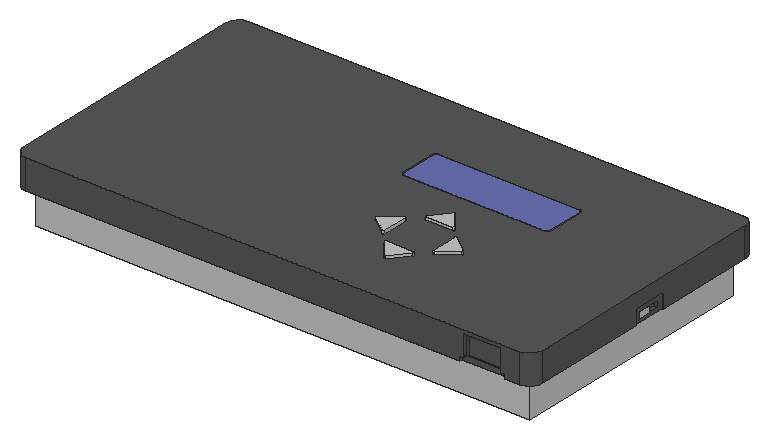
Revit family "Electronics_Masking-Generators_Biamp_Qt-Conference-Room-Edition_Control-Module", category Communication Devices, host Face, Revit 2020
Family settings
  Host = Face
  Maintain Annotation Orientation = No
  Round Connector Dimension = Use Diameter
  Part Type = Normal
  OmniClass Number = 23.85.10.00
  OmniClass Title = General Information Systems
  Cut with Voids When Loaded = No
  Shared = No
  Room Calculation Point = No
Parameters (values of type "ST 1000")
  Width = 8.30709"  # constant formula
  Weight = 0.71 lbf  # constant formula
  Voltage = 120 V
  Version = 1
  URL = "https://www.biamp.com/"
  Sound Masking = "200Hz to 6.3kHz"  # constant formula
  Product data url = "https://bimobject.com/biamp/product/qt-cre_masking-generator"
  Product Page URL = "https://www.biamp.com/products/product-families/cambridge/masking-generators#qt-cre"
  Product Documentation Link = "https://downloads.biamp.com/assets/docs/default-source/data-sheets/biamp_data_sheet_qt_conference_room_edition.pdf"
  Power Factor = 1
  Output Voltage = "5VDC @ 75mA"  # constant formula
  Output Type = "Logic Status (5VDC"  # constant formula
  Output Connections = "2 RJ-45"  # constant formula
  Number of Poles = 1
  Number of Non-Correlated Masking Sources = "4"  # constant formula
  Number of Masking Zones = "1 (2 cable runs per zone)"  # constant formula
  Number of Inputs = "1 (Stereo or Mono)"  # constant formula
  Number of Connectors = "2"  # constant formula
  Music/Paging = "200Hz to 10kHz"  # constant formula
  Model = "ST 1000"  # constant formula
  Minimum Output Impedance = "7Ω (per channel)"  # constant formula
  Minimum Masking SPL (@ 1m) = "30dBA"  # constant formula
  Maximum Music/Paging SPL (@ 1m) = "62dBA"  # constant formula
  Maximum Masking SPL (@ 1m) = "60dBA"  # constant formula
  Max Power Consumption = 7 W
  Masking Ramp Times = "0-120 seconds (up and down ramp times are independent)"  # constant formula
  Masking Level Adjustment = "0.5dB steps"  # constant formula
  Manufacturer = "Biamp"  # constant formula
  Input Type = "Contact Closure (Normally Open)"  # constant formula
  Input Level Adjustment = "1dB steps"  # constant formula
  Input Level = "+4dBu (2VRMS max)"  # constant formula
  Input Impedance = "5kΩ"  # constant formula
  Input Connector Type = "Captive Screw Terminals"  # constant formula
  Housing Material = Biamp - Plastic - Black
  Height = 1.06299"  # constant formula
  Description = "QT® Conference Room Edition Speech Privacy Solution for Conference Rooms"  # constant formula
  Depth = 4.44882"  # constant formula
  Default Elevation = 48"
  Date Updated = ""
  Date Created = "2023/08/21"
  Current = 0.6 A
  Connector Type = "Captive Screw Terminals "  # constant formula
  Connector Description = "100-240 VAC, 50/60 Hz"  # constant formula
  Apparent Load = Max Power Consumption / Power Factor  # 7 VA
Reference planes (in)
  plane 1 "Center (Front/Back)": y = 0
  plane 2: z = 0
  plane 3 "Center (Left/Right)": x = 0
Forms (in)
  Extrusion 1, solid, material "Biamp - Plastic - Black" <- "Housing Material", detail levels medium+fine
    sketch origin (0, 0, 0) x (1, 0, 0) y (0, 1, 0)
      loop
        line (-3.95669, -2.22441) -> (3.95669, -2.22441)
        arc (3.95669, -2.22441) -> (4.09589, -2.16675) -> (4.15354, -2.02756) r 0.19685
        line (4.15354, -2.02756) -> (4.15354, 2.02756)
        arc (4.15354, 2.02756) -> (4.09589, 2.16675) -> (3.95669, 2.22441) r 0.19685
        line (3.95669, 2.22441) -> (-3.95669, 2.22441)
        arc (-3.95669, 2.22441) -> (-4.09589, 2.16675) -> (-4.15354, 2.02756) r 0.19685
        line (-4.15354, 2.02756) -> (-4.15354, -2.02756)
        arc (-4.15354, -2.02756) -> (-4.09589, -2.16675) -> (-3.95669, -2.22441) r 0.19685
    from 0 to 0.47244
  Extrusion 2, solid, material "Biamp - Plastic - Black" <- "Housing Material", detail levels coarse
    sketch origin (0, 0, 0) x (1, 0, 0) y (0, 1, 0)
      loop
        line (-3.95669, -2.22441) -> (3.95669, -2.22441)
        arc (3.95669, -2.22441) -> (4.09589, -2.16675) -> (4.15354, -2.02756) r 0.19685
        line (4.15354, -2.02756) -> (4.15354, 2.02756)
        arc (4.15354, 2.02756) -> (4.09589, 2.16675) -> (3.95669, 2.22441) r 0.19685
        line (3.95669, 2.22441) -> (-3.95669, 2.22441)
        arc (-3.95669, 2.22441) -> (-4.09589, 2.16675) -> (-4.15354, 2.02756) r 0.19685
        line (-4.15354, 2.02756) -> (-4.15354, -2.02756)
        arc (-4.15354, -2.02756) -> (-4.09589, -2.16675) -> (-3.95669, -2.22441) r 0.19685
    from 0 to 0.47244
  Extrusion 3, void
    sketch origin (0, 0, 0.47244) x (1, 0, 0) y (0, 1, 0)
      loop
        arc (0.021, 1.06698) -> (-0.02076, 1.04969) -> (-0.03805, 1.00793) r 0.05906
        line (-0.03805, 1.00793) -> (-0.03805, 0.43706)
        arc (-0.03805, 0.43706) -> (-0.02076, 0.3953) -> (0.021, 0.37801) r 0.05906
        line (0.021, 0.37801) -> (2.26509, 0.37801)
        arc (2.26509, 0.37801) -> (2.30685, 0.3953) -> (2.32415, 0.43706) r 0.05906
        line (2.32415, 0.43706) -> (2.32415, 1.00793)
        arc (2.32415, 1.00793) -> (2.30685, 1.04969) -> (2.26509, 1.06698) r 0.05906
        line (2.26509, 1.06698) -> (0.021, 1.06698)
    from -0.09809 to 0
  Extrusion 4, solid, material "Biamp - Plastic - Blue", detail levels medium+fine
    sketch origin (0, 0, 0.37435) x (1, 0, 0) y (0, 1, 0)
      loop
        line (2.26509, 1.06698) -> (0.021, 1.06698)
        arc (0.021, 1.06698) -> (-0.02076, 1.04969) -> (-0.03805, 1.00793) r 0.05906
        line (-0.03805, 1.00793) -> (-0.03805, 0.43706)
        arc (-0.03805, 0.43706) -> (-0.02076, 0.3953) -> (0.021, 0.37801) r 0.05906
        line (0.021, 0.37801) -> (2.26509, 0.37801)
        arc (2.26509, 0.37801) -> (2.30685, 0.3953) -> (2.32415, 0.43706) r 0.05906
        line (2.32415, 0.43706) -> (2.32415, 1.00793)
        arc (2.32415, 1.00793) -> (2.30685, 1.04969) -> (2.26509, 1.06698) r 0.05906
    from 0 to 0.09809
  Extrusion 5, void
    sketch origin (0, 0, 0.47244) x (1, 0, 0) y (0, 1, 0)
      loop
        line (1.37132, -0.30529) -> (1.15806, -0.03233)
        arc (1.15806, -0.03233) -> (1.14305, -0.02501) -> (1.12804, -0.03233) r 0.01905
        line (1.12804, -0.03233) -> (0.91478, -0.30529)
        arc (0.91478, -0.30529) -> (0.91272, -0.32486) -> (0.9294, -0.33528) r 0.01856
        line (0.9294, -0.33528) -> (1.35669, -0.33528)
        arc (1.35669, -0.33528) -> (1.37337, -0.32486) -> (1.37132, -0.30529) r 0.01856
      loop
        line (1.56453, -0.95429) -> (1.8368, -0.74157)
        arc (1.8368, -0.74157) -> (1.84422, -0.72635) -> (1.8368, -0.71113) r 0.01931
        line (1.8368, -0.71113) -> (1.56453, -0.49841)
        arc (1.56453, -0.49841) -> (1.54469, -0.49633) -> (1.53412, -0.51325) r 0.01882
        line (1.53412, -0.51325) -> (1.53412, -0.93946)
        arc (1.53412, -0.93946) -> (1.54469, -0.95638) -> (1.56453, -0.95429) r 0.01882
      loop
        arc (1.37132, -1.14741) -> (1.37337, -1.12785) -> (1.35669, -1.11742) r 0.01856
        line (1.35669, -1.11742) -> (0.9294, -1.11742)
        arc (0.9294, -1.11742) -> (0.91272, -1.12785) -> (0.91478, -1.14741) r 0.01856
        line (0.91478, -1.14741) -> (1.12804, -1.42037)
        arc (1.12804, -1.42037) -> (1.14305, -1.42769) -> (1.15806, -1.42037) r 0.01905
        line (1.15806, -1.42037) -> (1.37132, -1.14741)
      loop
        arc (0.72156, -0.95429) -> (0.7414, -0.95638) -> (0.75198, -0.93946) r 0.01882
        line (0.75198, -0.93946) -> (0.75198, -0.51325)
        arc (0.75198, -0.51325) -> (0.7414, -0.49633) -> (0.72156, -0.49841) r 0.01882
        line (0.72156, -0.49841) -> (0.44929, -0.71113)
        arc (0.44929, -0.71113) -> (0.44187, -0.72635) -> (0.44929, -0.74157) r 0.01931
        line (0.44929, -0.74157) -> (0.72156, -0.95429)
    from -0.09809 to 0
  Extrusion 6, solid, material "Biamp - Plastic - Gray", detail levels medium+fine
    sketch origin (0, 0, 0.47244) x (1, 0, 0) y (0, 1, 0)
      loop
        line (1.12754, -0.03937) -> (0.91788, -0.30771)
        arc (0.91788, -0.30771) -> (0.91626, -0.32313) -> (0.9294, -0.33134) r 0.01463
        line (0.9294, -0.33134) -> (1.35669, -0.33134)
        arc (1.35669, -0.33134) -> (1.36984, -0.32313) -> (1.36822, -0.30771) r 0.01463
        line (1.36822, -0.30771) -> (1.15856, -0.03937)
        arc (1.15856, -0.03937) -> (1.14305, -0.0318) -> (1.12754, -0.03937) r 0.01969
      loop
        line (0.72399, -0.50151) -> (0.45606, -0.71084)
        arc (0.45606, -0.71084) -> (0.4485, -0.72635) -> (0.45606, -0.74186) r 0.01969
        line (0.45606, -0.74186) -> (0.72399, -0.95119)
        arc (0.72399, -0.95119) -> (0.73968, -0.95284) -> (0.74804, -0.93946) r 0.01489
        line (0.74804, -0.93946) -> (0.74804, -0.51325)
        arc (0.74804, -0.51325) -> (0.73968, -0.49986) -> (0.72399, -0.50151) r 0.01489
      loop
        line (1.83003, -0.71084) -> (1.56211, -0.50151)
        arc (1.56211, -0.50151) -> (1.54642, -0.49986) -> (1.53806, -0.51325) r 0.01489
        line (1.53806, -0.51325) -> (1.53806, -0.93946)
        arc (1.53806, -0.93946) -> (1.54642, -0.95284) -> (1.56211, -0.95119) r 0.01489
        line (1.56211, -0.95119) -> (1.83003, -0.74186)
        arc (1.83003, -0.74186) -> (1.8376, -0.72635) -> (1.83003, -0.71084) r 0.01969
      loop
        line (1.35669, -1.12136) -> (0.9294, -1.12136)
        arc (0.9294, -1.12136) -> (0.91626, -1.12957) -> (0.91788, -1.14499) r 0.01463
        line (0.91788, -1.14499) -> (1.12754, -1.41334)
        arc (1.12754, -1.41334) -> (1.14305, -1.4209) -> (1.15856, -1.41334) r 0.01969
        line (1.15856, -1.41334) -> (1.36822, -1.14499)
        arc (1.36822, -1.14499) -> (1.36984, -1.12957) -> (1.35669, -1.12136) r 0.01463
    from -0.09809 to 0.03607
  Extrusion 7, void
    sketch origin (4.15354, 1.48622, 0) x (0, -1, 0) y (0, 0, -1)
      loop
        line (1.64955, 0) -> (1.08987, 0) -> (1.08987, -0.20832)
        arc (1.08987, -0.20832) -> (1.1014, -0.23616) -> (1.12924, -0.24769) r 0.03937
        line (1.12924, -0.24769) -> (1.61018, -0.24769)
        arc (1.61018, -0.24769) -> (1.63802, -0.23616) -> (1.64955, -0.20832) r 0.03937
        line (1.64955, -0.20832) -> (1.64955, 0)
    from -0.02256 to 0
  Extrusion 8, void
    sketch origin (4.13099, 1.48622, 0) x (0, -1, 0) y (0, 0, -1)
      loop
        line (1.5554, -0.16343) -> (1.5554, -0.06159) -> (1.18402, -0.06159) -> (1.18402, -0.16343) -> (1.5554, -0.16343)
    from -0.04884 to 0.18628
  Extrusion 9, solid, material "Biamp - Plastic - Gray", detail levels medium+fine
    sketch origin (4.08214, 1.48622, 0) x (0, -1, 0) y (0, 0, -1)
      loop
        line (1.37365, -0.15949) -> (1.55146, -0.15949) -> (1.55146, -0.06553) -> (1.37365, -0.06553) -> (1.37365, -0.15949)
    from 0 to 0.06397
  Extrusion 10, void
    sketch origin (-4.15354, -2.22441, 0) x (1, 0, 0) y (0, 0, 1)
      loop
        line (7.13799, 0) -> (7.86502, 0) -> (7.86502, 0.05918) -> (7.81881, 0.05918)
        arc (7.81881, 0.05918) -> (7.80323, 0.06564) -> (7.79678, 0.08122) r 0.02204
        line (7.79678, 0.08122) -> (7.79678, 0.41499) -> (7.20622, 0.41499) -> (7.20622, 0.08263)
        arc (7.20622, 0.08263) -> (7.19936, 0.06605) -> (7.18278, 0.05918) r 0.02345
        line (7.18278, 0.05918) -> (7.13799, 0.05918) -> (7.13799, 0)
    from -0.03882 to 0.25643
  Extrusion 11, void
    sketch origin (-4.15354, -2.18559, 0) x (1, 0, 0) y (0, 0, 1)
      loop
        line (7.22468, 0.39654) -> (7.22468, 0.08206) -> (7.77832, 0.08206) -> (7.77832, 0.39654) -> (7.22468, 0.39654)
    from -0.03278 to 0.03882
  Extrusion 12, solid, material "Biamp - Plastic - Gray"
    sketch origin (0, 0, 0) x (1, 0, 0) y (0, 1, 0)
      loop
        line (-3.95669, 2.02756) -> (-3.95669, -2.02756) -> (3.95669, -2.02756) -> (3.95669, 2.02756) -> (-3.95669, 2.02756)
    from -0.59055 to 0
  Extrusion 13, void
    sketch origin (0, 0, 0) x (1, 0, 0) y (0, 1, 0)
      loop
        line (-3.95669, 2.02756) -> (-3.95669, -2.02756) -> (3.95669, -2.02756) -> (3.95669, 2.02756) -> (-3.95669, 2.02756)
    from -0.59055 to 0
  Extrusion 14, void
    sketch origin (0, 0, -0.59055) x (0, 1, 0) y (1, 0, 0)
      loop
        line (0.91359, 3.47907) -> (1.42832, 3.47907) -> (1.42832, 3.63669) -> (0.91359, 3.63669) -> (0.91359, 3.47907)
      loop
        line (1.96304, 3.47907) -> (1.96304, 3.63669) -> (1.44832, 3.63669) -> (1.44832, 3.47907) -> (1.96304, 3.47907)
      loop
        line (1.82952, -2.48708) -> (1.47777, -2.48708) -> (1.47777, -2.68393) -> (1.52395, -2.68393) -> (1.52395, -2.73158) -> (1.57016, -2.73158) -> (1.57016, -2.77482) -> (1.73712, -2.77482) -> (1.73712, -2.73158) -> (1.78333, -2.73158) -> (1.78333, -2.68393) -> (1.82952, -2.68393) -> (1.82952, -2.48708)
      loop
        line (1.36916, -2.48708) -> (1.01742, -2.48708) -> (1.01742, -2.68393) -> (1.0636, -2.68393) -> (1.0636, -2.73158) -> (1.10981, -2.73158) -> (1.10981, -2.77482) -> (1.27677, -2.77482) -> (1.27677, -2.73158) -> (1.32298, -2.73158) -> (1.32298, -2.68393) -> (1.36916, -2.68393) -> (1.36916, -2.48708)
      loop
        circle (0.5936, -2.60995) r 0.10429
      loop
        line (-0.43754, -2.48708) -> (-1.09529, -2.48708) -> (-1.09529, -2.77482) -> (-0.43754, -2.77482) -> (-0.43754, -2.48708)
      loop
        line (0.37967, -2.48708) -> (-0.27808, -2.48708) -> (-0.27808, -2.77482) -> (0.37967, -2.77482) -> (0.37967, -2.48708)
      loop
        line (-1.31375, -3.05739) -> (-1.73597, -3.05739) -> (-1.73597, -3.55739) -> (-1.31375, -3.55739) -> (-1.31375, -3.05739)
    from -0.07732 to 0
Cuts and joins
  Extrusion 3, Extrusion 5, Extrusion 7, Extrusion 8, Extrusion 10, Extrusion 11 cuts Extrusion 1
  Extrusion 14 cuts Extrusion 12
  Extrusion 10, Extrusion 11 cuts Extrusion 2
Lines and regions (in)
  Masking region 1, detail levels medium+fine
    outline origin (0, 0, 0) x (1, 0, 0) y (0, 1, 0)
      loop
        line (-4.15354, 2.02756) -> (-4.15354, -2.02756)
        arc (-4.15354, -2.02756) -> (-4.09589, -2.16675) -> (-3.95669, -2.22441) r 0.19685
        line (-3.95669, -2.22441) -> (3.95669, -2.22441)
        arc (3.95669, -2.22441) -> (4.09589, -2.16675) -> (4.15354, -2.02756) r 0.19685
        line (4.15354, -2.02756) -> (4.15354, 2.02756)
        arc (4.15354, 2.02756) -> (4.09589, 2.16675) -> (3.95669, 2.22441) r 0.19685
        line (3.95669, 2.22441) -> (-3.95669, 2.22441)
        arc (-3.95669, 2.22441) -> (-4.09589, 2.16675) -> (-4.15354, 2.02756) r 0.19685
  Masking region 2, detail levels medium+fine
    outline origin (0, 0, 0) x (1, 0, 0) y (0, 1, 0)
      loop
        line (2.26509, 1.06698) -> (0.021, 1.06698)
        arc (0.021, 1.06698) -> (-0.02076, 1.04969) -> (-0.03805, 1.00793) r 0.05906
        line (-0.03805, 1.00793) -> (-0.03805, 0.43706)
        arc (-0.03805, 0.43706) -> (-0.02076, 0.3953) -> (0.021, 0.37801) r 0.05906
        line (0.021, 0.37801) -> (2.26509, 0.37801)
        arc (2.26509, 0.37801) -> (2.30685, 0.3953) -> (2.32415, 0.43706) r 0.05906
        line (2.32415, 0.43706) -> (2.32415, 1.00793)
        arc (2.32415, 1.00793) -> (2.30685, 1.04969) -> (2.26509, 1.06698) r 0.05906
  Masking region 3, detail levels medium+fine
    outline origin (0, 0, 0) x (1, 0, 0) y (0, 1, 0)
      loop
        line (0.72399, -0.50151) -> (0.45606, -0.71084)
        arc (0.45606, -0.71084) -> (0.4485, -0.72635) -> (0.45606, -0.74186) r 0.01969
        line (0.45606, -0.74186) -> (0.72399, -0.95119)
        arc (0.72399, -0.95119) -> (0.73968, -0.95284) -> (0.74804, -0.93946) r 0.01489
        line (0.74804, -0.93946) -> (0.74804, -0.51325)
        arc (0.74804, -0.51325) -> (0.73968, -0.49986) -> (0.72399, -0.50151) r 0.01489
      loop
        line (1.12754, -0.03937) -> (0.91788, -0.30771)
        arc (0.91788, -0.30771) -> (0.91626, -0.32313) -> (0.9294, -0.33134) r 0.01463
        line (0.9294, -0.33134) -> (1.35669, -0.33134)
        arc (1.35669, -0.33134) -> (1.36984, -0.32313) -> (1.36822, -0.30771) r 0.01463
        line (1.36822, -0.30771) -> (1.15856, -0.03937)
        arc (1.15856, -0.03937) -> (1.14305, -0.0318) -> (1.12754, -0.03937) r 0.01969
      loop
        line (1.83003, -0.71084) -> (1.56211, -0.50151)
        arc (1.56211, -0.50151) -> (1.54642, -0.49986) -> (1.53806, -0.51325) r 0.01489
        line (1.53806, -0.51325) -> (1.53806, -0.93946)
        arc (1.53806, -0.93946) -> (1.54642, -0.95284) -> (1.56211, -0.95119) r 0.01489
        line (1.56211, -0.95119) -> (1.83003, -0.74186)
        arc (1.83003, -0.74186) -> (1.8376, -0.72635) -> (1.83003, -0.71084) r 0.01969
      loop
        arc (0.9294, -1.12136) -> (0.91626, -1.12957) -> (0.91788, -1.14499) r 0.01463
        line (0.91788, -1.14499) -> (1.12754, -1.41334)
        arc (1.12754, -1.41334) -> (1.14305, -1.4209) -> (1.15856, -1.41334) r 0.01969
        line (1.15856, -1.41334) -> (1.36822, -1.14499)
        arc (1.36822, -1.14499) -> (1.36984, -1.12957) -> (1.35669, -1.12136) r 0.01463
        line (1.35669, -1.12136) -> (0.9294, -1.12136)
  Masking region 4, detail levels coarse
    outline origin (0, 0, 0) x (1, 0, 0) y (0, 1, 0)
      loop
        arc (-3.95669, 2.22441) -> (-4.09589, 2.16675) -> (-4.15354, 2.02756) r 0.19685
        line (-4.15354, 2.02756) -> (-4.15354, -2.02756)
        arc (-4.15354, -2.02756) -> (-4.09589, -2.16675) -> (-3.95669, -2.22441) r 0.19685
        line (-3.95669, -2.22441) -> (3.95669, -2.22441)
        arc (3.95669, -2.22441) -> (4.09589, -2.16675) -> (4.15354, -2.02756) r 0.19685
        line (4.15354, -2.02756) -> (4.15354, 2.02756)
        arc (4.15354, 2.02756) -> (4.09589, 2.16675) -> (3.95669, 2.22441) r 0.19685
        line (3.95669, 2.22441) -> (-3.95669, 2.22441)
  Masking region 5
    outline origin (0, 0, 0) x (1, 0, 0) y (0, 0, 1)
      loop
        line (-4.15354, 0.47244) -> (-4.15354, 0) -> (4.15354, 0) -> (4.15354, 0.47244) -> (-4.15354, 0.47244)
Dimensions and locks (in)
  aligned and locked: plane 2 to host face
  aligned and locked: level to host face
Connectors (in)
  electrical at (-2.60995, 0.5936, -0.51323), driven by "Number of Poles", driven by "Voltage", driven by "Apparent Load", driven by "Power Factor", driven by "Connector Description"
    settings: on cut or joined group of Extrusion 12, Extrusion 14, index 1, voltage 120 V, apparent load 7 VA, apparent load phase1 0 VA, apparent load phase2 0 VA, apparent load phase3 0 VA, power factor 1, load classification "Other", number of poles 1, system type 30, power factor state 1, is connector primary yes, connector utility no, sub classification motor no, connector description "100-240 VAC, 50/60 Hz"
  electrical at (-2.68215, 1.65364, -0.51323)
    settings: on cut or joined group of Extrusion 12, Extrusion 14, index 2, voltage 0 V, apparent load 0 VA, apparent load phase1 0 VA, apparent load phase2 0 VA, apparent load phase3 0 VA, power factor 1, load classification "Other", number of poles 1, system type 5, power factor state 1, is connector primary no, connector utility no, sub classification motor no, connector description "RJ-45 Output"
  electrical at (-2.68215, 1.19329, -0.51323)
    settings: on cut or joined group of Extrusion 12, Extrusion 14, index 3, voltage 0 V, apparent load 0 VA, apparent load phase1 0 VA, apparent load phase2 0 VA, apparent load phase3 0 VA, power factor 1, load classification "Other", number of poles 1, system type 5, power factor state 1, is connector primary no, connector utility no, sub classification motor no, connector description "RJ-45 Output"
  electrical at (3.55788, 1.17095, -0.51323)
    settings: on cut or joined group of Extrusion 12, Extrusion 14, index 4, voltage 0 V, apparent load 0 VA, apparent load phase1 0 VA, apparent load phase2 0 VA, apparent load phase3 0 VA, power factor 1, load classification "Other", number of poles 1, system type 5, power factor state 1, is connector primary no, connector utility no, sub classification motor no, connector description "Captive Screw Terminal"
  electrical at (3.34796, -2.1528, 0.2393)
    settings: on cut or joined group of Extrusion 1, Extrusion 3, Extrusion 5, Extrusion 7, Extrusion 8, Extrusion 10, Extrusion 11, index 5, voltage 0 V, apparent load 0 VA, apparent load phase1 0 VA, apparent load phase2 0 VA, apparent load phase3 0 VA, power factor 1, load classification "Other", number of poles 1, system type 5, power factor state 1, is connector primary no, connector utility no, sub classification motor no, connector description "USB connector"
  electrical at (3.55788, 1.70568, -0.51323)
    settings: on cut or joined group of Extrusion 12, Extrusion 14, index 6, voltage 0 V, apparent load 0 VA, apparent load phase1 0 VA, apparent load phase2 0 VA, apparent load phase3 0 VA, power factor 1, load classification "Other", number of poles 1, system type 5, power factor state 1, is connector primary no, connector utility no, sub classification motor no, connector description "Captive Screw Terminal"
  electrical at (-2.63095, 0.05079, -0.51323)
    settings: on cut or joined group of Extrusion 12, Extrusion 14, index 7, voltage 0 V, apparent load 0 VA, apparent load phase1 0 VA, apparent load phase2 0 VA, apparent load phase3 0 VA, power factor 1, load classification "Other", number of poles 1, system type 5, power factor state 1, is connector primary no, connector utility no, sub classification motor no, connector description "Captive Screw Terminal"
  electrical at (-2.63095, -0.76641, -0.51323)
    settings: on cut or joined group of Extrusion 12, Extrusion 14, index 8, voltage 0 V, apparent load 0 VA, apparent load phase1 0 VA, apparent load phase2 0 VA, apparent load phase3 0 VA, power factor 1, load classification "Other", number of poles 1, system type 5, power factor state 1, is connector primary no, connector utility no, sub classification motor no, connector description "Captive Screw Terminal"
  electrical at (-3.30739, -1.52486, -0.51323)
    settings: on cut or joined group of Extrusion 12, Extrusion 14, index 9, voltage 0 V, apparent load 0 VA, apparent load phase1 0 VA, apparent load phase2 0 VA, apparent load phase3 0 VA, power factor 1, load classification "Other", number of poles 1, system type 5, power factor state 1, is connector primary no, connector utility no, sub classification motor no, connector description "Captive Screw Terminal"
